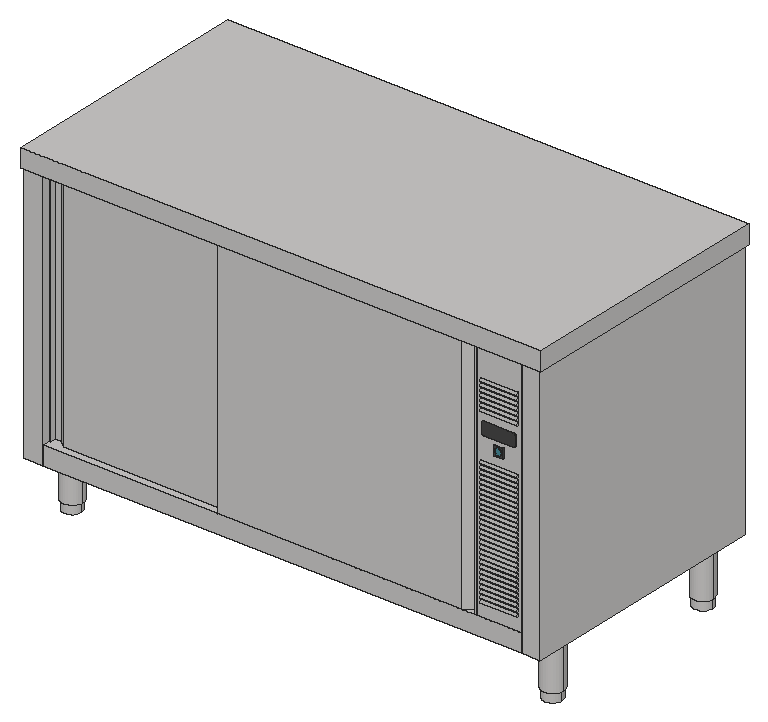
Revit family "QF_ELECTROLUXPROFESSIONAL_132872_MSR1407N", category Attrezzature speciali, Revit 2020
Family settings
  Quota connettore circolare = Usa diametro
  Tipo di parte = Normale
  Basato su piano di lavoro = No
  Sempre verticale = Sì
  Taglio con vuoti quando caricato = No
  Condiviso = No
  Punto di calcolo locali = No
Parameters (values of type "Standard")
  Weight = 60.00 kg
  Watts = 2400 W
  Volts = 220 V
  URL Manufacturer = "https://www.electroluxprofessional.com/"
  URL = "https://www.electroluxprofessional.com/"
  Steam Supply Size = 0 mm
  Steam Supply Minimum Pressure = 0.0 Pa
  Steam Supply Maximum Pressure = 0.0 Pa
  Steam Consumption per Hour = 0
  Refrigeration Suction Line Size = 0.0 mm
  Refrigeration Liquid Line Size = 0.0 mm
  Refrigerant Compressor Remote = yes
  Prospetto di default = 0.0 mm
  Produttore = "Electrolux Professional"
  Phase = 1
  Modello = "MSR1407N"
  Length Actual = 1400.0 mm  # constant formula
  Item Number = "132872"
  Hot Water Size = 0 mm
  Height Actual = 900.0 mm  # constant formula
  HP = "3.2 HP"
  Gas Size = 0 mm
  Gas KW = 0
  Gas Input Pressure = 0 W
  Direct Waste Size = 0 mm
  Descrizione = "HOT CUPBOARD 1400MM"
  Depth Actual = 700.0 mm  # constant formula
  Cycle = 50 Hz
  Condensate Return Size = 0 mm
  Compressed Air Volume = 0.0 L/s
  Compressed Air Size = 0 mm
  Compressed Air Pressure = 0.0 Pa
  Cold Water Size = 0 mm
  Accessory = yes
Reference planes
  plane 1 "Center (Front/Back)": y = 0
  plane 2: z = 0
  plane 3 "Center (Left/Right)": x = -200
  plane 4 "LEFT": x = -900
  plane 5 "RIGHT": x = 500
  plane 6 "BACK": y = 350
  plane 7 "FRONT": y = -350
  plane 8 "Base": z = 850
  plane 9 "TOP": z = 900
  plane 10: x = -846.5
  plane 11: x = 446.5
  plane 12: y = 264.5
  plane 13: y = -241.5
  plane 14 "BodyLeft": x = -894.5
  plane 15 "BodyFront": y = -344.5
  plane 16 "BodyRight": x = 494.5
  plane 17 "BodyBack": y = 344.5
  plane 18 "FEET": z = 150
  plane 19: x = 324.5
  plane 20: x = -261
  plane 21: x = 444.5
  plane 22 "EIx": x = 400
  plane 23 "EIy": y = -170
Forms (mm)
  Extrusion 1, solid, material "QF_Finishes_Stainless Steel"
    sketch origin (-200, 0, 0) x (0, 1, 0) y (0, 0, 1)
      loop
        line (-350, 850) -> (350, 850) -> (350, 900) -> (-350, 900) -> (-350, 850)
    from 700 to -700
  Extrusion 2, solid, material "QF_Finishes_Stainless Steel"
    sketch origin (0, 0, 150) x (-1, 0, 0) y (0, -1, 0)
      loop
        line (894.5, -344.5) -> (894.5, 344.5) -> (844.5, 344.5) -> (844.5, -344.5) -> (894.5, -344.5)
      loop
        line (-444.5, -344.5) -> (-444.5, 344.5) -> (-494.5, 344.5) -> (-494.5, -344.5) -> (-444.5, -344.5)
    from 0 to 700
  Extrusion 3, solid, material "QF_Finishes_Stainless Steel"
    sketch origin (0, 0, 150) x (-1, 0, 0) y (0, -1, 0)
      loop
        line (844.5, -344.5) -> (844.5, 344.5) -> (-444.5, 344.5) -> (-444.5, -344.5) -> (844.5, -344.5)
    from 0 to 50
  Extrusion 4, solid, material "QF_Finishes_Stainless Steel"
    sketch origin (-1, 0, 150) x (-1, 0, 0) y (0, -1, 0)
      loop
        line (-325.5, 344.5) -> (-325.5, 324.5) -> (370.5, 324.5) -> (370.5, 344.5) -> (-285.5, 344.5) -> (-305.5, 329.5) -> (-320.5, 329.5) -> (-320.5, 344.5) -> (-325.5, 344.5)
    from 50 to 700
  Extrusion 5, solid, material "QF_Finishes_Stainless Steel"
    sketch origin (1, 20, 150) x (1, 0, 0) y (0, 1, 0)
      loop
        line (-845.5, -344.5) -> (-840.5, -344.5) -> (-840.5, -329.5) -> (-825.5, -329.5) -> (-805.5, -344.5) -> (-151.5, -344.5) -> (-151.5, -324.5) -> (-845.5, -324.5) -> (-845.5, -344.5)
    from 50 to 700
  Extrusion 6, solid, material "QF_Finishes_Stainless Steel"
    sketch origin (0, 0, 0) x (1, 0, 0) y (0, 1, 0)
      loop
        line (-844.5, -304.5) -> (324.5, -304.5) -> (324.5, 324.5) -> (-844.5, 324.5) -> (-844.5, -304.5)
    from 500 to 540
  Extrusion 7, solid, material "QF_Finishes_Stainless Steel"
    sketch origin (0, 0, 0) x (1, 0, 0) y (0, 1, 0)
      loop
        line (444.5, 344.5) -> (-844.5, 344.5) -> (-844.5, 324.5) -> (444.5, 324.5) -> (444.5, 344.5)
    from 200 to 850
  Extrusion 8, solid, material "QF_Finishes_Stainless Steel"
    sketch origin (0, 0, 150) x (-1, 0, 0) y (0, -1, 0)
      loop
        circle (-400, 170) r 10
    from 0 to -5
Cuts and joins
  joined: Extrusion 3, Extrusion 7
Lines and regions (mm)
  symbolic lines
    curve 1: line (500, 350, 900) -> (-900, 350, 900)
    curve 2: line (-900, 350, 900) -> (-900, -350, 900)
    curve 3: line (-900, -350, 900) -> (500, -350, 900)
    curve 4: line (500, -350, 900) -> (500, 350, 900)
  symbolic lines, style "SpecialityEquipmentHiddenLines"
    curve 5: line (-894.5, 344.5, 150) -> (494.5, 344.5, 150)
    curve 6: line (-894.5, -344.5, 150) -> (-894.5, 344.5, 150)
    curve 7: line (494.5, -344.5, 150) -> (-894.5, -344.5, 150)
    curve 8: line (494.5, 344.5, 150) -> (494.5, -344.5, 150)
    curve 9: line (-845.5, -304.5, 150) -> (-149.5, -304.5, 150)
    curve 10: line (-149.5, -304.5, 150) -> (-149.5, -324.5, 150)
    curve 11: line (-845.5, -324.5, 150) -> (324.5, -324.5, 150)
    curve 12: line (324.5, -324.5, 150) -> (324.5, -344.5, 150)
    curve 13: line (-845.5, -304.5, 150) -> (-845.5, -324.5, 150)
    curve 14: line (-371.5, -344.5, 0) -> (-371.5, -324.5, 0)
Dimensions and locks
  plane 4 "LEFT" to plane 5 "RIGHT" = 1400.0 mm
  equal spacing: plane 4 "LEFT", plane 3 "Center (Left/Right)", plane 5 "RIGHT"
  locked: plane 8 "Base" to level at 850
  plane 9 "TOP" to level = 900.0 mm
  plane 6 "BACK" to plane 7 "FRONT" = 700.0 mm
  equal spacing: plane 6 "BACK", plane 1 "Center (Front/Back)", plane 7 "FRONT"
  locked: plane 4 "LEFT" to plane 14 "BodyLeft" at 5.5
  locked: plane 16 "BodyRight" to plane 5 "RIGHT" at 5.5
  locked: plane 15 "BodyFront" to plane 7 "FRONT" at 5.5
  locked: plane 6 "BACK" to plane 17 "BodyBack" at 5.5
  locked: plane 14 "BodyLeft" to plane 10 at 48
  locked: plane 11 to plane 16 "BodyRight" at 48
  locked: plane 13 to plane 15 "BodyFront" at 103
  locked: plane 17 "BodyBack" to plane 12 at 80
  plane 10 to plane 11 = 1293.0 mm
  plane 12 to plane 13 = 506.0 mm
  locked: plane 14 "BodyLeft" to Extrusion 2 sketch curve at 50
  locked: Extrusion 2 sketch curve to Extrusion 2 sketch curve at 50
  equal spacing: plane 10, plane 20, plane 19
  locked: plane 21 to plane 16 "BodyRight" at 50
  locked: plane 19 to plane 21 at 120
  locked: Extrusion 4 sketch curve to plane 20 at 110.5
  locked: plane 20 to Extrusion 5 sketch curve at 110.5
  locked: plane 18 "FEET" to level at 150
  locked: plane 22 "EIx" to plane 5 "RIGHT" at 100
  plane 23 "EIy" to plane 7 "FRONT" = 180.0 mm
  aligned and locked: level to plane 2
  aligned and locked: plane 10 to nested 1
  aligned and locked: nested 1 to plane 13
  aligned and locked: plane 11 to nested 2
  aligned and locked: nested 2 to plane 13
  aligned and locked: plane 11 to nested 4
  aligned and locked: nested 4 to plane 12
  aligned and locked: plane 10 to nested 3
  aligned and locked: nested 3 to plane 12
  aligned and locked: Extrusion 1 to plane 4 "LEFT"
  aligned and locked: plane 5 "RIGHT" to Extrusion 1
  aligned and locked: curve 2 to plane 4 "LEFT"
  aligned and locked: plane 17 "BodyBack" to Extrusion 2 sketch curve
  aligned and locked: Extrusion 2 sketch curve to plane 15 "BodyFront"
  aligned and locked: Extrusion 2 sketch curve to plane 14 "BodyLeft"
  aligned and locked: plane 16 "BodyRight" to Extrusion 2 sketch curve
  aligned and locked: Extrusion 2 sketch curve to plane 17 "BodyBack"
  aligned and locked: plane 15 "BodyFront" to Extrusion 2 sketch curve
  aligned and locked: Extrusion 3 sketch curve to plane 17 "BodyBack"
  aligned and locked: plane 15 "BodyFront" to Extrusion 3 sketch curve
  aligned and locked: plane 8 "Base" to Extrusion 2
  aligned and locked: plane 8 "Base" to Extrusion 4
  aligned and locked: Extrusion 4 to Extrusion 3
  aligned and locked: Extrusion 1 to plane 8 "Base"
  aligned and locked: plane 9 "TOP" to Extrusion 1
  aligned and locked: curve 5 to plane 17 "BodyBack"
  aligned and locked: plane 14 "BodyLeft" to curve 6
  aligned and locked: plane 15 "BodyFront" to curve 7
  aligned and locked: plane 16 "BodyRight" to curve 8
  aligned and locked: Extrusion 3 to Extrusion 2  (x2)
  aligned and locked: Extrusion 6 sketch curve to Extrusion 2
  aligned and locked: Extrusion 6 sketch curve to Extrusion 5
  aligned and locked: nested 5 to plane 21
  aligned and locked: Extrusion 7 sketch curve to Extrusion 2
  aligned and locked: Extrusion 6 sketch curve to plane 19
Automatic sketch dimensions
  curve 14 to plane 15 "BodyFront" = 0.0 mm
  plane 15 "BodyFront" to curve 14 = 20.0 mm
  curve 14 to plane 20 = 110.5 mm
  curve 3 to plane 7 "FRONT" = 0.0 mm
  curve 4 to plane 6 "BACK" = 0.0 mm
  Extrusion 1 sketch curve to plane 7 "FRONT" = 0.0 mm
  Extrusion 1 sketch curve to plane 6 "BACK" = 0.0 mm
  Extrusion 1 sketch curve to plane 8 "Base" = 0.0 mm
  Extrusion 1 sketch curve to plane 9 "TOP" = 0.0 mm
  Extrusion 3 sketch curve to plane 21 = 0.0 mm
  plane 10 to Extrusion 3 sketch curve = 2.0 mm
  Extrusion 4 sketch curve to plane 19 = 0.0 mm
  Extrusion 4 sketch curve to plane 15 "BodyFront" = 0.0 mm  (x2)
  Extrusion 4 sketch curve to Extrusion 4 sketch curve = 5.0 mm
  Extrusion 4 sketch curve to Extrusion 4 sketch curve = 15.0 mm  (x2)
  Extrusion 4 sketch curve to Extrusion 4 sketch curve = 20.0 mm  (x2)
  Extrusion 5 sketch curve to plane 15 "BodyFront" = 20.0 mm  (x2)
  Extrusion 5 sketch curve to plane 10 = 42.0 mm
  Extrusion 5 sketch curve to plane 10 = 22.0 mm
  Extrusion 5 sketch curve to plane 10 = 7.0 mm
  Extrusion 5 sketch curve to plane 10 = 2.0 mm
  Extrusion 5 sketch curve to Extrusion 5 sketch curve = 15.0 mm
  Extrusion 5 sketch curve to Extrusion 5 sketch curve = 20.0 mm
  plane 21 to curve 12 = 120.0 mm
  curve 7 to plane 15 "BodyFront" = 0.0 mm
  plane 3 "Center (Left/Right)" to curve 9 = 50.5 mm
  plane 10 to curve 11 = 1.0 mm
  plane 15 "BodyFront" to curve 9 = 40.0 mm
  curve 11 to curve 12 = 20.0 mm
  plane 12 to Extrusion 6 sketch curve = 60.0 mm
  Extrusion 7 sketch curve to plane 17 "BodyBack" = 0.0 mm
  Extrusion 7 sketch curve to plane 21 = 0.0 mm
  Extrusion 7 sketch curve to plane 17 "BodyBack" = 20.0 mm
  curve 4 to plane 5 "RIGHT" = 0.0 mm
  Extrusion 8 sketch curve to plane 22 "EIx" = 0.0 mm
  Extrusion 8 sketch curve to plane 23 "EIy" = 0.0 mm
  radius of Extrusion 8 sketch curve = 10.0 mm
Nested families
  nested 1: "FEET_D58-150" at (-846.5, -241.5, 0), type "FEET_D58-150"
  nested 2: "FEET_D58-150" at (446.5, -241.5, 0), type "FEET_D58-150"
  nested 3: "FEET_D58-150" at (-846.5, 264.5, 0), type "FEET_D58-150"
  nested 4: "FEET_D58-150" at (446.5, 264.5, 0), type "FEET_D58-150"
  nested 5: "WT_PNL120x650" at (531.42, -304.5, 600) x (1, 0, 0) z (0, -1, 0), type "WT_PNL120x650"
    with Show Logo yes
Connectors
  electrical at (400, -170, 145)
    settings: on Extrusion 8, index 1, voltage 0 V, apparent load 0 VA, apparent load phase1 0 VA, apparent load phase2 0 VA, apparent load phase3 0 VA, power factor 1, load classification "Other", number of poles 1, system type 30, power factor state 1, is connector primary yes, connector utility no, sub classification motor no, connector description "Electrical connection"
Definition of nested family "FEET_D58-150"
  Parameters
    Default Elevation = 0.0 mm
    FEET = 150.0 mm
  Reference planes
    plane 1 "Center (Front/Back)": y = 0
    plane 2: z = 0
    plane 3 "Center (Left/Right)": x = 0
    plane 4: z = 150
  Forms (mm)
    Extrusion 1, solid
      sketch origin (0, 0, 0) x (1, 0, 0) y (0, 1, 0)
        loop
          circle (0, 0) r 25
      from 0 to 25
    Extrusion 2, solid
      sketch origin (0, 0, 0) x (1, 0, 0) y (0, 1, 0)
        loop
          circle (0.061, 0) r 29
      from 25 to 150 <- "FEET"
  Lines and regions (mm)
    symbolic lines
      curve 1: line (0, -1.503, 0) -> (0, 1.508, 0)
      curve 2: line (1.561, 0, 0) -> (-1.439, 0, 0)
  Dimensions and locks
    "FEET": plane 4 to plane 2
    aligned and locked: level to plane 2
  Automatic sketch dimensions
    plane 1 "Center (Front/Back)" to Extrusion 1 sketch curve = 0.0 mm
    Extrusion 1 sketch curve to plane 3 "Center (Left/Right)" = 0.0 mm
    plane 1 "Center (Front/Back)" to curve 2 = 0.0 mm
    curve 1 to plane 3 "Center (Left/Right)" = 0.0 mm
    curve 2 to plane 3 "Center (Left/Right)" = 1.439 mm
    plane 3 "Center (Left/Right)" to curve 2 = 1.561 mm
    plane 1 "Center (Front/Back)" to curve 1 = 1.503 mm
    curve 1 to plane 1 "Center (Front/Back)" = 1.508 mm
    plane 1 "Center (Front/Back)" to Extrusion 2 sketch curve = 0.0 mm
    plane 3 "Center (Left/Right)" to Extrusion 2 sketch curve = 0.061 mm
    radius of Extrusion 1 sketch curve = 25.0 mm
    radius of Extrusion 2 sketch curve = 29.0 mm
Definition of nested family "WT_PNL120x650"
  Parameters
    Show Logo [instance] = yes
    Default Elevation = 1219.2 mm
  Reference planes
    plane 1 "Center (Front/Back)": y = -75
    plane 2: z = 0
    plane 3 "Center (Left/Right)": x = -146.92
    plane 4: x = -206.92
    plane 5: x = -86.92
    plane 6: y = 250
    plane 7: y = -400
    plane 8 "TOP": z = 40
  Forms (mm)
    Extrusion 1, solid
      sketch origin (0, 0, 0) x (1, 0, 0) y (0, 1, 0)
        loop
          line (-1219.2, 1219.2) -> (-1219.2, -1219.2) -> (1219.2, -1219.2) -> (1219.2, 1219.2) -> (-1219.2, 1219.2)
      from 0 to -304.8
    Extrusion 2, solid
      sketch origin (0, 0, 0) x (1, 0, 0) y (0, 1, 0)
        loop
          line (-206.92, 250) -> (-206.92, -400) -> (-86.92, -400) -> (-86.92, 250) -> (-206.92, 250)
      from 0 to 40
    Extrusion 3, void
      sketch origin (0, 0, 40) x (-1, 0, 0) y (0, -1, 0)
        loop
          arc (101.92, -68.899) -> (103.795, -73.256) -> (108.247, -74.89) r 6
          line (108.247, -74.89) -> (185.92, -74.89)
          arc (185.92, -74.89) -> (190.163, -73.133) -> (191.92, -68.89) r 6
          line (191.92, -68.89) -> (191.92, -45.89)
          arc (191.92, -45.89) -> (190.163, -41.648) -> (185.92, -39.89) r 6
          line (185.92, -39.89) -> (107.92, -39.89)
          arc (107.92, -39.89) -> (103.677, -41.648) -> (101.92, -45.89) r 6
          line (101.92, -45.89) -> (101.92, -68.899)
        loop
          line (158.92, -27.89) -> (158.92, -2.89) -> (134.92, -2.89) -> (134.92, -27.89) -> (158.92, -27.89)
      from -2 to 0
    Extrusion 4, solid
      sketch origin (0, 0, 40) x (-1, 0, 0) y (0, -1, 0)
        loop
          line (185.92, -39.89) -> (107.92, -39.89)
          arc (107.92, -39.89) -> (103.677, -41.648) -> (101.92, -45.89) r 6
          line (101.92, -45.89) -> (101.92, -68.899)
          arc (101.92, -68.899) -> (103.795, -73.256) -> (108.247, -74.89) r 6
          line (108.247, -74.89) -> (185.92, -74.89)
          arc (185.92, -74.89) -> (190.163, -73.133) -> (191.92, -68.89) r 6
          line (191.92, -68.89) -> (191.92, -45.89)
          arc (191.92, -45.89) -> (190.163, -41.648) -> (185.92, -39.89) r 6
      from -2 to 1
    Extrusion 5, solid
      sketch origin (-146.92, 0, 0) x (0, 1, 0) y (0, 0, 1)
        loop
          line (95.896, 40) -> (104.899, 40) -> (95.896, 41.206) -> (95.896, 40)
        loop
          line (107.896, 40) -> (116.899, 40) -> (107.896, 41.206) -> (107.896, 40)
        loop
          line (119.896, 40) -> (128.899, 40) -> (119.896, 41.206) -> (119.896, 40)
        loop
          line (131.896, 40) -> (140.899, 40) -> (131.896, 41.206) -> (131.896, 40)
        loop
          line (143.896, 40) -> (152.899, 40) -> (143.896, 41.206) -> (143.896, 40)
        loop
          line (155.896, 40) -> (164.899, 40) -> (155.896, 41.206) -> (155.896, 40)
        loop
          line (167.896, 40) -> (176.899, 40) -> (167.896, 41.206) -> (167.896, 40)
        loop
          line (-102.104, 40) -> (-93.101, 40) -> (-102.104, 41.206) -> (-102.104, 40)
        loop
          line (-90.104, 40) -> (-81.101, 40) -> (-90.104, 41.206) -> (-90.104, 40)
        loop
          line (-78.104, 40) -> (-69.101, 40) -> (-78.104, 41.206) -> (-78.104, 40)
        loop
          line (-66.104, 40) -> (-57.101, 40) -> (-66.104, 41.206) -> (-66.104, 40)
        loop
          line (-54.104, 40) -> (-45.101, 40) -> (-54.104, 41.206) -> (-54.104, 40)
        loop
          line (-42.104, 40) -> (-33.101, 40) -> (-42.104, 41.206) -> (-42.104, 40)
        loop
          line (-30.104, 40) -> (-21.101, 40) -> (-30.104, 41.206) -> (-30.104, 40)
        loop
          line (-174.104, 40) -> (-165.101, 40) -> (-174.104, 41.206) -> (-174.104, 40)
        loop
          line (-162.104, 40) -> (-153.101, 40) -> (-162.104, 41.206) -> (-162.104, 40)
        loop
          line (-150.104, 40) -> (-141.101, 40) -> (-150.104, 41.206) -> (-150.104, 40)
        loop
          line (-138.104, 40) -> (-129.101, 40) -> (-138.104, 41.206) -> (-138.104, 40)
        loop
          line (-126.104, 40) -> (-117.101, 40) -> (-126.104, 41.206) -> (-126.104, 40)
        loop
          line (-114.104, 40) -> (-105.101, 40) -> (-114.104, 41.206) -> (-114.104, 40)
        loop
          line (-246.104, 40) -> (-237.101, 40) -> (-246.104, 41.206) -> (-246.104, 40)
        loop
          line (-234.104, 40) -> (-225.101, 40) -> (-234.104, 41.206) -> (-234.104, 40)
        loop
          line (-222.104, 40) -> (-213.101, 40) -> (-222.104, 41.206) -> (-222.104, 40)
        loop
          line (-210.104, 40) -> (-201.101, 40) -> (-210.104, 41.206) -> (-210.104, 40)
        loop
          line (-198.104, 40) -> (-189.101, 40) -> (-198.104, 41.206) -> (-198.104, 40)
        loop
          line (-186.104, 40) -> (-177.101, 40) -> (-186.104, 41.206) -> (-186.104, 40)
        loop
          line (-318.104, 40) -> (-309.101, 40) -> (-318.104, 41.206) -> (-318.104, 40)
        loop
          line (-306.104, 40) -> (-297.101, 40) -> (-306.104, 41.206) -> (-306.104, 40)
        loop
          line (-294.104, 40) -> (-285.101, 40) -> (-294.104, 41.206) -> (-294.104, 40)
        loop
          line (-282.104, 40) -> (-273.101, 40) -> (-282.104, 41.206) -> (-282.104, 40)
        loop
          line (-270.104, 40) -> (-261.101, 40) -> (-270.104, 41.206) -> (-270.104, 40)
        loop
          line (-258.104, 40) -> (-249.101, 40) -> (-258.104, 41.206) -> (-258.104, 40)
        loop
          line (-366.104, 40) -> (-357.101, 40) -> (-366.104, 41.206) -> (-366.104, 40)
        loop
          line (-354.104, 40) -> (-345.101, 40) -> (-354.104, 41.206) -> (-354.104, 40)
        loop
          line (-342.104, 40) -> (-333.101, 40) -> (-342.104, 41.206) -> (-342.104, 40)
        loop
          line (-330.104, 40) -> (-321.101, 40) -> (-330.104, 41.206) -> (-330.104, 40)
      from -50 to 50
    Extrusion 6, solid
      sketch origin (0, 0, 40) x (-1, 0, 0) y (0, -1, 0)
        loop
          line (134.92, -27.89) -> (158.92, -27.89) -> (158.92, -2.89) -> (134.92, -2.89) -> (134.92, -27.89)
        loop
          circle (146.92, -15.39) r 9
      from -2 to 3
    Extrusion 7, solid
      sketch origin (0, 0, 40) x (-1, 0, 0) y (0, -1, 0)
        loop
          circle (146.92, -15.39) r 9
      from 0 to 3
  Cuts and joins
    Extrusion 3 cuts Extrusion 2
  Dimensions and locks
    equal spacing: plane 6, plane 1 "Center (Front/Back)", plane 7
    equal spacing: plane 4, plane 3 "Center (Left/Right)", plane 5
    plane 8 "TOP" to level = 40.0 mm
    aligned and locked: plane 2 to Extrusion 1
    aligned and locked: level to Extrusion 1
  Automatic sketch dimensions
    Extrusion 1 sketch curve to Extrusion 1 sketch curve = 2438.4 mm  (x2)
    Extrusion 2 sketch curve to plane 4 = 0.0 mm
    Extrusion 2 sketch curve to plane 5 = 0.0 mm
    Extrusion 2 sketch curve to plane 7 = 0.0 mm
    Extrusion 2 sketch curve to plane 6 = 0.0 mm
    Extrusion 5 sketch curve to plane 8 "TOP" = 0.0 mm  (x36)
    Extrusion 5 sketch curve to Extrusion 5 sketch curve = 9.003 mm  (x35)
    plane 8 "TOP" to Extrusion 5 sketch curve = 1.206 mm  (x22)
    Extrusion 5 sketch curve to Extrusion 5 sketch curve = 2.997 mm  (x33)
    plane 1 "Center (Front/Back)" to Extrusion 5 sketch curve = 6.101 mm
    plane 1 "Center (Front/Back)" to Extrusion 5 sketch curve = 3.104 mm
    Extrusion 5 sketch curve to plane 1 "Center (Front/Back)" = 5.899 mm
    Extrusion 5 sketch curve to Extrusion 5 sketch curve = 116.997 mm
    Extrusion 5 sketch curve to Extrusion 5 sketch curve = 1.206 mm  (x14)
    Extrusion 4 sketch curve to plane 5 = 15.0 mm
    Extrusion 4 sketch curve to Extrusion 4 sketch curve = 6.0 mm  (x3)
    Extrusion 4 sketch curve to Extrusion 4 sketch curve = 0.327 mm
    plane 4 to Extrusion 4 sketch curve = 21.0 mm  (x2)
    Extrusion 4 sketch curve to plane 1 "Center (Front/Back)" = 149.89 mm
    Extrusion 4 sketch curve to Extrusion 4 sketch curve = 23.009 mm
    Extrusion 3 sketch curve to plane 5 = 15.0 mm
    Extrusion 3 sketch curve to Extrusion 3 sketch curve = 6.0 mm  (x3)
    Extrusion 3 sketch curve to Extrusion 3 sketch curve = 0.327 mm
    plane 3 "Center (Left/Right)" to Extrusion 3 sketch curve = 12.0 mm
    Extrusion 3 sketch curve to plane 3 "Center (Left/Right)" = 12.0 mm
    plane 4 to Extrusion 3 sketch curve = 21.0 mm  (x2)
    Extrusion 3 sketch curve to plane 1 "Center (Front/Back)" = 149.89 mm
    Extrusion 3 sketch curve to Extrusion 3 sketch curve = 23.0 mm
    Extrusion 3 sketch curve to Extrusion 3 sketch curve = 12.0 mm
    Extrusion 3 sketch curve to Extrusion 3 sketch curve = 25.0 mm
    Extrusion 6 sketch curve to plane 3 "Center (Left/Right)" = 0.0 mm
    plane 3 "Center (Left/Right)" to Extrusion 6 sketch curve = 12.0 mm
    Extrusion 6 sketch curve to plane 3 "Center (Left/Right)" = 12.0 mm
    Extrusion 6 sketch curve to plane 1 "Center (Front/Back)" = 102.89 mm
    Extrusion 6 sketch curve to Extrusion 6 sketch curve = 12.5 mm  (x2)
    Extrusion 7 sketch curve to plane 3 "Center (Left/Right)" = 0.0 mm
    Extrusion 7 sketch curve to plane 1 "Center (Front/Back)" = 90.39 mm
    radius of Extrusion 6 sketch curve = 9.0 mm
    radius of Extrusion 7 sketch curve = 9.0 mm
